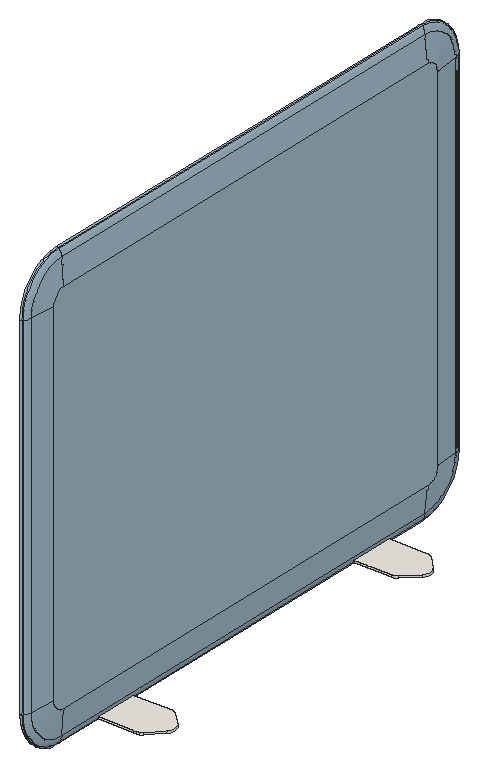
Revit family "Haworth_Cabana_IslandScreen", category Furniture, Revit 2018
Family settings
  OmniClass Number = 23.40.70.14.64.21
  OmniClass Title = Systems Furniture
  Work Plane-Based = No
  Always vertical = Yes
  Cut with Voids When Loaded = No
  Shared = No
  Room Calculation Point = No
Parameters (values of type "High Screen")
  Warranty = "http://www.haworth.com/resources/product-info/warranties"
  URL - Product = "http://www.haworth.com/na/en/products/lounge-sofas/ottomans/cabana-lounge-island.html"
  URL = "http://haworth.com/"
  Size = "Verify Final Dim. w/ Haworth"  # constant formula
  Screen Finish [instance] = Haworth _ Fabric _ Divina _ 836 _ 7F-DCJ
  Revision Number = "1"  # constant formula
  Model = "Haworth Cabana Island"  # constant formula
  Manufacturer = "Haworth"  # constant formula
  Low Screen = not(High Screen)  # no
  High Screen = yes
  Description = "Haworth Cabana Island - High Screen"
  Bracket Finish [instance] = Haworth _ Paint _ Smooth Plaster
  Author = "Haworth (Alias)"  # constant formula
  Assembly Code = "E2020200"
  Actual Width = 54"  # constant formula
  Actual Height = if(High Screen, 44", 34")  # 44"
  Actual Depth = 1 65/256"  # constant formula
Types (2): name | Low Screen | High Screen | Description | Actual Height
  High Screen | no | yes | "Haworth Cabana Island - High Screen" | 44"
  Low Screen | yes | no | "Haworth Cabana Island - Low Screen" | 34"
Reference planes (in)
  plane 1 "Bottom": z = 0
  plane 2 "Center L/R": x = 15.99609
  plane 3 "Bottom Screen": z = 9.4375
  plane 4 "Top Screen": z = 53.4375
  plane 5 "Center F/B": y = 17
  plane 6 "Back": y = 44
  plane 7 "Front": y = -10
  plane 8 "Inside Bottom": z = 12.90625
  plane 9 "Inside Top": z = 49.96875
  plane 10 "Left": x = 15.37001
  plane 11 "Right": x = 16.62217
  plane 12 "Front Inside": y = -6.53125
  plane 13 "Back Inside": y = 40.53125
  plane 14: y = 32.83731
  plane 15 "Bracket Left": y = 1.16269
Forms (in)
  Extrusion 1, solid, material "Haworth _ Fabric _ Divina _ 836 _ 7F-DCJ" <- "Screen Finish"
    sketch origin (15.99609, 0, 0) x (0, 1, 0) y (0, 0, 1)
      loop
        line (-5.53125, 12.90625) -> (39.53125, 12.90625)
        arc (39.53125, 12.90625) -> (40.23836, 13.19914) -> (40.53125, 13.90625) r 1
        line (40.53125, 13.90625) -> (40.53125, 48.96875)
        arc (40.53125, 48.96875) -> (40.23836, 49.67586) -> (39.53125, 49.96875) r 1
        line (39.53125, 49.96875) -> (-5.53125, 49.96875)
        arc (-5.53125, 49.96875) -> (-6.23836, 49.67586) -> (-6.53125, 48.96875) r 1
        line (-6.53125, 48.96875) -> (-6.53125, 13.90625)
        arc (-6.53125, 13.90625) -> (-6.23836, 13.19914) -> (-5.53125, 12.90625) r 1
    from -0.62608 to 0.62608
  Sweep 2, solid, material "Haworth _ Fabric _ Divina _ 836 _ 7F-DCJ" <- "Screen Finish"
    path in 3D
      loop
        arc (16.62217, 39.53125, 12.90625) -> (16.62217, 40.23836, 13.19914) -> (16.62217, 40.53125, 13.90625) r 1
        line (16.62217, 40.53125, 13.90625) -> (16.62217, 40.53125, 48.96875)
        arc (16.62217, 40.53125, 48.96875) -> (16.62217, 40.23836, 49.67586) -> (16.62217, 39.53125, 49.96875) r 1
        line (16.62217, 39.53125, 49.96875) -> (16.62217, -5.53125, 49.96875)
        arc (16.62217, -5.53125, 49.96875) -> (16.62217, -6.23836, 49.67586) -> (16.62217, -6.53125, 48.96875) r 1
        line (16.62217, -6.53125, 48.96875) -> (16.62217, -6.53125, 13.90625)
        arc (16.62217, -6.53125, 13.90625) -> (16.62217, -6.23836, 13.19914) -> (16.62217, -5.53125, 12.90625) r 1
        line (16.62217, -5.53125, 12.90625) -> (16.62217, 39.53125, 12.90625)
    profile origin (16.62217, 17, 12.90625) x (1, 0, 0) y (0, 0, -1)
      loop
        line (0, 0) -> (0, 0.23574)
        arc (0, 0.23574) -> (-0.05347, 1.49515) -> (-0.21348, 2.74551) r 14.85943
        arc (-0.21348, 2.74551) -> (-0.30782, 3.09693) -> (-0.46521, 3.42499) r 1.96875
        arc (-0.46521, 3.42499) -> (-0.55038, 3.46813) -> (-0.62608, 3.40997) r 0.08958
        arc (-0.62608, 3.40997) -> (-0.70179, 3.46813) -> (-0.78695, 3.42499) r 0.08958
        arc (-0.78695, 3.42499) -> (-0.94434, 3.09693) -> (-1.03868, 2.74551) r 1.96875
        arc (-1.03868, 2.74551) -> (-1.1987, 1.49515) -> (-1.25216, 0.23574) r 14.85943
        line (-1.25216, 0.23574) -> (-1.25216, 0) -> (0, 0)
  Sweep 3, solid, material "Haworth _ Paint _ Smooth Plaster" <- "Bracket Finish"
    path origin (15.99609, 0, 0) x (0, 1, 0) y (0, 0, 1)
      loop
        line (1.16269, 9.93019) -> (1.16269, 9.75105)
    profile origin (15.99609, 1.16269, 9.84062) x (1, 0, 0) y (0, 1, 0)
      loop
        line (4.19525, 2.16437) -> (0, 2.16437) -> (0, -2.16633) -> (4.19525, -2.16633)
        arc (4.19525, -2.16633) -> (4.48226, -2.10924) -> (4.72558, -1.94666) r 0.75
        line (4.72558, -1.94666) -> (6.00835, -0.66389)
        arc (6.00835, -0.66389) -> (6.28293, -0.00098) -> (6.00835, 0.66194) r 0.9375
        line (6.00835, 0.66194) -> (4.72558, 1.9447)
        arc (4.72558, 1.9447) -> (4.48226, 2.10728) -> (4.19525, 2.16437) r 0.75
  Sweep 4, solid, material "Haworth _ Paint _ Smooth Plaster" <- "Bracket Finish"
    path origin (15.99609, 34, 0) x (0, -1, 0) y (0, 0, 1)
      loop
        line (1.16269, 9.93019) -> (1.16269, 9.75105)
    profile origin (15.99609, 32.83731, 9.84062) x (1, 0, 0) y (0, 1, 0)
      loop
        arc (4.19525, -2.16437) -> (4.48226, -2.10728) -> (4.72558, -1.9447) r 0.75
        line (4.72558, -1.9447) -> (6.00835, -0.66194)
        arc (6.00835, -0.66194) -> (6.28293, 0.00098) -> (6.00835, 0.66389) r 0.9375
        line (6.00835, 0.66389) -> (4.72558, 1.94666)
        arc (4.72558, 1.94666) -> (4.48226, 2.10924) -> (4.19525, 2.16633) r 0.75
        line (4.19525, 2.16633) -> (0, 2.16633) -> (0, -2.16437) -> (4.19525, -2.16437)
Cuts and joins
  joined: Extrusion 1, Sweep 2
Lines and regions (in)
  Masking region 1
    outline origin (0, 0, 9.4375) x (-1, 0, 0) y (0, -1, 0)
      loop
        line (-15.37001, -40.76699) -> (-15.37001, 6.76699)
        arc (-15.37001, 6.76699) -> (-15.42348, 8.0264) -> (-15.5835, 9.27676) r 14.85943
        arc (-15.5835, 9.27676) -> (-15.67783, 9.62818) -> (-15.83523, 9.95624) r 1.96875
        arc (-15.83523, 9.95624) -> (-15.92039, 9.99938) -> (-15.99609, 9.94122) r 0.08958
        arc (-15.99609, 9.94122) -> (-16.0718, 9.99938) -> (-16.15696, 9.95624) r 0.08958
        arc (-16.15696, 9.95624) -> (-16.31436, 9.62818) -> (-16.40869, 9.27676) r 1.96875
        arc (-16.40869, 9.27676) -> (-16.56871, 8.0264) -> (-16.62217, 6.76699) r 14.85943
        line (-16.62217, 6.76699) -> (-16.62217, -40.76699)
        arc (-16.62217, -40.76699) -> (-16.56871, -42.0264) -> (-16.40869, -43.27676) r 14.85943
        arc (-16.40869, -43.27676) -> (-16.31436, -43.62818) -> (-16.15696, -43.95624) r 1.96875
        arc (-16.15696, -43.95624) -> (-16.0718, -43.99938) -> (-15.99609, -43.94122) r 0.08958
        arc (-15.99609, -43.94122) -> (-15.92039, -43.99938) -> (-15.83523, -43.95624) r 0.08958
        arc (-15.83523, -43.95624) -> (-15.67783, -43.62818) -> (-15.5835, -43.27676) r 1.96875
        arc (-15.5835, -43.27676) -> (-15.42348, -42.0264) -> (-15.37001, -40.76699) r 14.85943
  sketch lines
    curve 1: line (16.62217, -5.53125, 12.90625) -> (16.62217, 39.53125, 12.90625)
    curve 2: arc (16.62217, -5.53125, 12.90625) -> (16.62217, -6.23836, 13.19914) -> (16.62217, -6.53125, 13.90625) r 1
    curve 3: line (16.62217, -6.53125, 48.96875) -> (16.62217, -6.53125, 13.90625)
    curve 4: arc (16.62217, -6.53125, 48.96875) -> (16.62217, -6.23836, 49.67586) -> (16.62217, -5.53125, 49.96875) r 1
    curve 5: line (16.62217, 39.53125, 49.96875) -> (16.62217, -5.53125, 49.96875)
    curve 6: arc (16.62217, 39.53125, 49.96875) -> (16.62217, 40.23836, 49.67586) -> (16.62217, 40.53125, 48.96875) r 1
    curve 7: line (16.62217, 40.53125, 13.90625) -> (16.62217, 40.53125, 48.96875)
    curve 8: arc (16.62217, 40.53125, 13.90625) -> (16.62217, 40.23836, 13.19914) -> (16.62217, 39.53125, 12.90625) r 1
  symbolic lines, style "FurnitureHiddenLines", detail levels medium+fine
    curve 9: line (20.10765, 35.00364, 9.4375) -> (15.9124, 35.00364, 9.4375)
    curve 10: line (15.9124, 35.00364, 9.4375) -> (15.9124, 30.67293, 9.4375)
    curve 11: line (15.9124, 30.67293, 9.4375) -> (20.10765, 30.67293, 9.4375)
    curve 12: arc (20.10765, 30.67293, 9.4375) -> (20.39466, 30.73002, 9.4375) -> (20.63798, 30.8926, 9.4375) r 0.75
    curve 13: line (20.63798, 30.8926, 9.4375) -> (21.92075, 32.17537, 9.4375)
    curve 14: arc (21.92075, 32.17537, 9.4375) -> (22.19534, 32.83828, 9.4375) -> (21.92075, 33.5012, 9.4375) r 0.9375
    curve 15: line (21.92075, 33.5012, 9.4375) -> (20.63798, 34.78397, 9.4375)
    curve 16: arc (20.63798, 34.78397, 9.4375) -> (20.39466, 34.94655, 9.4375) -> (20.10765, 35.00364, 9.4375) r 0.75
    curve 17: line (20.10765, -1.00364, 9.4375) -> (15.9124, -1.00364, 9.4375)
    curve 18: line (15.9124, -1.00364, 9.4375) -> (15.9124, 3.32707, 9.4375)
    curve 19: line (15.9124, 3.32707, 9.4375) -> (20.10765, 3.32707, 9.4375)
    curve 20: arc (20.10765, 3.32707, 9.4375) -> (20.39466, 3.26998, 9.4375) -> (20.63798, 3.1074, 9.4375) r 0.75
    curve 21: line (20.63798, 3.1074, 9.4375) -> (21.92075, 1.82463, 9.4375)
    curve 22: arc (21.92075, 1.82463, 9.4375) -> (22.19534, 1.16172, 9.4375) -> (21.92075, 0.4988, 9.4375) r 0.9375
    curve 23: line (21.92075, 0.4988, 9.4375) -> (20.63798, -0.78397, 9.4375)
    curve 24: arc (20.63798, -0.78397, 9.4375) -> (20.39466, -0.94655, 9.4375) -> (20.10765, -1.00364, 9.4375) r 0.75
Dimensions and locks (in)
  locked: plane 3 "Bottom Screen" to plane 1 "Bottom" at 9.4375
  equal spacing: plane 6 "Back", plane 5 "Center F/B", plane 7 "Front"
  "Actual Width": plane 6 "Back" to plane 7 "Front"
  locked: plane 8 "Inside Bottom" to plane 3 "Bottom Screen" at 3.46875
  locked: plane 9 "Inside Top" to plane 4 "Top Screen" at 3.46875
  equal spacing: plane 10 "Left", plane 2 "Center L/R", plane 11 "Right"
  plane 10 "Left" to plane 11 "Right" = 1.25216"
  locked: plane 13 "Back Inside" to plane 6 "Back" at 3.46875
  locked: plane 7 "Front" to plane 12 "Front Inside" at 3.46875
  locked: plane 7 "Front" to plane 15 "Bracket Left" at 11.16269
  locked: plane 14 to plane 6 "Back" at 11.16269
  locked: Sweep 3 sketch curve to Sweep 3 sketch curve at 0.17913
  locked: Sweep 3 sketch curve to plane 3 "Bottom Screen" at 0.31355
  locked: Sweep 4 sketch curve to Sweep 4 sketch curve at 0.17913
  locked: Sweep 4 sketch curve to plane 3 "Bottom Screen" at 0.31355
  "Actual Height": plane 4 "Top Screen" to plane 3 "Bottom Screen"
  aligned and locked: Extrusion 1 sketch curve to plane 9 "Inside Top"
  aligned and locked: Extrusion 1 sketch curve to plane 13 "Back Inside"
  aligned and locked: Extrusion 1 sketch curve to plane 8 "Inside Bottom"
  aligned and locked: Extrusion 1 sketch curve to plane 12 "Front Inside"
  aligned and locked: Extrusion 1 to plane 10 "Left"
  aligned and locked: Extrusion 1 to plane 11 "Right"
  aligned and locked: plane 8 "Inside Bottom" to Sweep 2 sketch curve
  aligned and locked: Sweep 3 sketch curve to plane 15 "Bracket Left"
  aligned and locked: plane 14 to Sweep 4 sketch curve
  aligned and locked: Sweep 3 to plane 2 "Center L/R"
  aligned and locked: Sweep 4 to plane 2 "Center L/R"
Automatic sketch dimensions
  plane 9 "Inside Top" to Extrusion 1 sketch curve = 1"
  plane 12 "Front Inside" to Extrusion 1 sketch curve = 1"
  plane 13 "Back Inside" to Extrusion 1 sketch curve = 1"
  Extrusion 1 sketch curve to Extrusion 1 sketch curve = 1"
  plane 2 "Center L/R" to Sweep 3 sketch curve = 0"
  Sweep 3 sketch curve to profile plane = 1.41437"
  plane 2 "Center L/R" to Sweep 3 sketch curve = 4.19525"
  profile plane to Sweep 3 sketch curve = 2.16633"
  Sweep 3 sketch curve to Sweep 3 sketch curve = 0"
  Sweep 3 sketch curve to profile plane = 1.9447"
  Sweep 3 sketch curve to Sweep 3 sketch curve = 0.53033"  (x2)
  profile plane to Sweep 3 sketch curve = 1.94666"
  profile plane to Sweep 3 sketch curve = 0.00098"
  Sweep 3 sketch curve to Sweep 3 sketch curve = 1.15019"
  Sweep 3 sketch curve to profile plane = 0.66194"
  Sweep 3 sketch curve to Sweep 3 sketch curve = 0.66291"
  profile plane to Sweep 3 sketch curve = 0.66389"
  plane 2 "Center L/R" to Sweep 4 sketch curve = 0"
  profile plane to Sweep 4 sketch curve = 1.41437"
  plane 2 "Center L/R" to Sweep 4 sketch curve = 4.19525"
  Sweep 4 sketch curve to profile plane = 2.16633"
  Sweep 4 sketch curve to Sweep 4 sketch curve = 0"
  profile plane to Sweep 4 sketch curve = 1.9447"
  Sweep 4 sketch curve to Sweep 4 sketch curve = 0.53033"  (x2)
  Sweep 4 sketch curve to profile plane = 1.94666"
  Sweep 4 sketch curve to profile plane = 0.00098"
  Sweep 4 sketch curve to Sweep 4 sketch curve = 1.15019"
  profile plane to Sweep 4 sketch curve = 0.66194"
  Sweep 4 sketch curve to Sweep 4 sketch curve = 0.66291"
  Sweep 4 sketch curve to profile plane = 0.66389"
  Masking region 1 sketch curve to plane 11 "Right" = 0"
  Masking region 1 sketch curve to plane 2 "Center L/R" = 0"  (x2)
  Masking region 1 sketch curve to plane 10 "Left" = 0"
  Masking region 1 sketch curve to plane 11 "Right" = 0.90179"  (x2)
  Masking region 1 sketch curve to plane 12 "Front Inside" = 0.23574"  (x2)
  Masking region 1 sketch curve to Masking region 1 sketch curve = 12.70548"  (x4)
  Masking region 1 sketch curve to plane 13 "Back Inside" = 0.23574"  (x2)
  plane 2 "Center L/R" to Masking region 1 sketch curve = 0.08403"  (x2)
  Masking region 1 sketch curve to plane 2 "Center L/R" = 0.08403"  (x2)
  Masking region 1 sketch curve to plane 10 "Left" = 0.90179"  (x2)
  Masking region 1 sketch curve to plane 6 "Back" = 1.05577"  (x2)
  Masking region 1 sketch curve to plane 6 "Back" = 0.08981"  (x2)
  Masking region 1 sketch curve to plane 7 "Front" = 1.05577"  (x2)
  Masking region 1 sketch curve to plane 7 "Front" = 0.08981"  (x2)
  Masking region 1 sketch curve to Masking region 1 sketch curve = 0"  (x6)
  curve 23 to plane 15 "Bracket Left" = 0.66389"
  curve 23 to plane 11 "Right" = 5.29858"
  curve 15 to plane 14 = 0.66389"
  curve 15 to plane 11 "Right" = 5.29858"
  plane 14 to curve 13 = 0.66194"
  curve 14 to curve 13 = 0"
  plane 15 "Bracket Left" to curve 21 = 0.66194"
  curve 23 to curve 21 = 0"
  curve 22 to curve 22 = 0.66291"
  curve 13 to curve 14 = 0.66291"
  curve 23 to plane 15 "Bracket Left" = 1.94666"
  curve 22 to curve 23 = 1.28277"
  curve 15 to plane 14 = 1.94666"
  curve 15 to curve 15 = 1.28277"
  plane 15 "Bracket Left" to curve 21 = 1.9447"
  curve 21 to curve 21 = 1.28277"
  plane 14 to curve 13 = 1.9447"
  curve 14 to curve 13 = 1.28277"
  curve 24 to curve 17 = 0.53033"
  curve 15 to curve 16 = 0.53033"
  curve 21 to curve 19 = 0.53033"
  curve 12 to curve 11 = 0.53033"
  curve 18 to plane 2 "Center L/R" = 0.08369"
  curve 11 to plane 2 "Center L/R" = 0.08369"
  curve 10 to plane 14 = 2.16633"
  curve 12 to curve 12 = 0.53033"
  plane 15 "Bracket Left" to curve 19 = 2.16437"
  curve 24 to curve 23 = 0.53033"
  profile plane to Sweep 2 sketch curve = 0"
  profile plane to Sweep 2 sketch curve = 0.54205"
  Sweep 2 sketch curve to Sweep 2 sketch curve = 0.16806"
  profile plane to Sweep 2 sketch curve = 1.25216"
  Sweep 2 sketch curve to Sweep 2 sketch curve = 1.44384"
  profile plane to Sweep 2 sketch curve = 0.23574"  (x2)
  Sweep 2 sketch curve to Sweep 2 sketch curve = 12.70548"  (x2)
  Sweep 2 sketch curve to profile plane = 0.90179"
  Sweep 2 sketch curve to Sweep 2 sketch curve = 2.17725"
  Sweep 2 sketch curve to Sweep 2 sketch curve = 0.33252"
  Sweep 2 sketch curve to Sweep 2 sketch curve = 0.63343"
  Sweep 2 sketch curve to Sweep 2 sketch curve = 0"  (x4)
  Sweep 2 sketch curve to Sweep 2 sketch curve = 0.08403"
